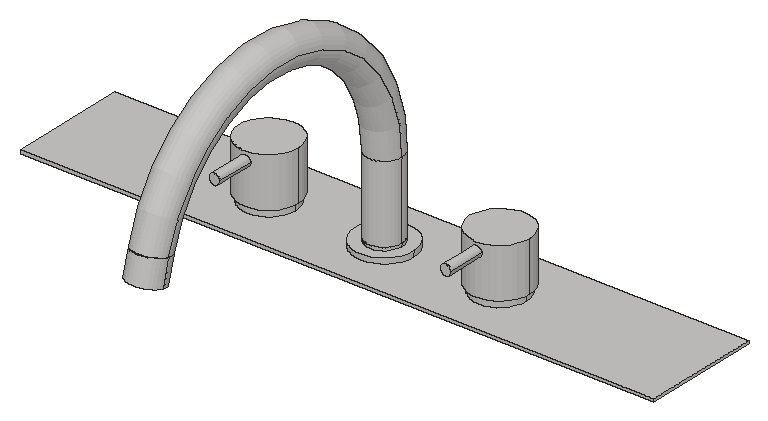
Revit family "BK8", category Generic Models, Revit 2021
Family settings
  Can host rebar = No
  Round Connector Dimension = Use Diameter
  Part Type = Normal
  Work Plane-Based = No
  Always vertical = Yes
  Cut with Voids When Loaded = No
  Shared = No
  Room Calculation Point = No
Parameters (values of type "Standard")
  e-mail = "info@vola.com"
  URL = "http://vola.com"
  Telephone = "+45 7023 5500"
  Quality management standard = "ISO 9001"
  Organisation no. / DUNS no. = "17531328"
  Occupational health and safety management standard = "ISO 18001"
  Mounting Instructions = "http://vola.com/service/producturl.ashx?name=BK8"
  Model = "BK8"
  Materials and components information = "http://vola.com/service/producturl.ashx?name=BK8"
  Manufacturer = "VOLA A/S"
  Maintenance Instructions = "http://vola.com/service/producturl.ashx?name=BK8"
  Guarantee = "2 years"
  Flow = "30,00 l/min"
  Environmental management standard = "ISO 14000"
  Default Elevation = 0.0000 mm
  Connection - All relevant connections = "½\" flexible hose"
  Approvals = "http://vola.com/service/producturl.ashx?name=BK8"
Reference planes
  plane 1 "Center (Front/Back)": y = 0
  plane 2: z = 0
  plane 3 "Center (Left/Right)": x = 0
Forms (mm)
  Extrusion 1, solid, material "Stainless Steel"
    sketch origin (0, 0, 6.5) x (1, 0, 0) y (0, 1, 0)
      loop
        line (-213.5, 40) -> (-213.5, -40) -> (213.5, -40) -> (213.5, 40) -> (-213.5, 40)
    from -6.5 to -4.5
  Extrusion 2, solid, material "Stainless Steel"
    sketch origin (0, 0, 2) x (1, 0, 0) y (0, 1, 0)
      loop
        circle (0, 0) r 20
    from 0 to 3.5
  Extrusion 3, solid, material "Stainless Steel"
    sketch origin (0, 0, 5.5) x (1, 0, 0) y (0, 1, 0)
      loop
        circle (0, 0) r 12
    from 0 to 2
  Sweep 4, solid, material "Stainless Steel"
    path origin (0, 0, 0) x (0, 1, 0) y (0, 0, 1)
      loop
        line (0, 7.5) -> (0, 59.5)
        arc (0, 59.5) -> (-86.947, 158.644) -> (-196.593, 85.382) r 100
    profile origin (0, 0, 33.5) x (0, -1, 0) y (1, 0, 0)
      loop
        circle (0, 0) r 12
  Extrusion 5, solid, material "Stainless Steel"
    sketch origin (0, -196.593, 85.382) x (1, 0, 0) y (0, -0.965926, 0.258819)
      loop
        circle (0, 0) r 11.5
    from 0 to 0.5
  Extrusion 6, solid, material "Stainless Steel"
    sketch origin (0, -196.722, 84.899) x (1, 0, 0) y (0, -0.965926, 0.258819)
      loop
        circle (0, 0) r 12
    from 0 to 17.2
  Extrusion 7, solid, material "Stainless Steel"
    sketch origin (-78, 0, 0) x (1, 0, 0) y (0, 1, 0)
      loop
        circle (0, 0) r 20
    from 7 to 40.5
  Extrusion 8, solid, material "Stainless Steel"
    sketch origin (-78, 0, 0) x (1, 0, 0) y (0, 1, 0)
      loop
        circle (0, 0) r 18
    from 2 to 7
  Extrusion 9, solid, material "Stainless Steel"
    sketch origin (78, 0, 0) x (-1, 0, 0) y (0, -1, 0)
      loop
        circle (0, 0) r 20
    from 7 to 40.5
  Extrusion 10, solid, material "Stainless Steel"
    sketch origin (78, 0, 0) x (-1, 0, 0) y (0, -1, 0)
      loop
        circle (0, 0) r 18
    from 2 to 7
  Extrusion 11, solid, material "Stainless Steel"
    sketch origin (-78, 0, 0) x (1, 0, 0) y (0, 0, 1)
      loop
        circle (0, 34.5) r 3.5
    from 19 to 45.5
  Extrusion 12, solid, material "Stainless Steel"
    sketch origin (78, 0, 0) x (-1, 0, 0) y (0, 0, -1)
      loop
        circle (0, -34.5) r 3.5
    from 19 to 45.5
Cuts and joins
  joined: Extrusion 7, Extrusion 11
  joined: Extrusion 9, Extrusion 12
Dimensions and locks
  aligned and locked: plane 2 to level
